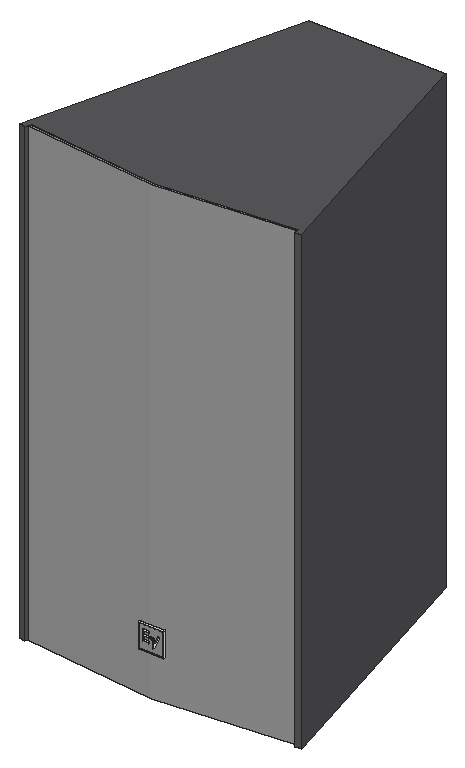
Revit family "EVF-1152S", category Communication Devices, Revit 2017 (continued)
Definition of nested family "InputPanelV"
  Lines and regions (mm)
    model lines, not visible
      curve 201: line (60.368, -9.5, 74.713) -> (61.054, -9.5, 74.153)
      curve 202: line (61.054, -9.5, 74.153) -> (61.864, -9.5, 73.957)
      curve 203: line (61.864, -9.5, 73.957) -> (62.673, -9.5, 74.153)
      curve 204: line (62.673, -9.5, 74.153) -> (63.359, -9.5, 74.713)
      curve 205: line (63.359, -9.5, 74.713) -> (63.814, -9.5, 75.544)
      curve 206: line (63.818, -9.5, 75.551) -> (64.101, -9.5, 76.539)
      curve 207: line (64.101, -9.5, 76.539) -> (64.793, -9.5, 76.539)
      curve 208: line (64.793, -9.5, 76.539) -> (66.91, -9.5, 76.54)
      curve 209: line (66.91, -9.5, 76.54) -> (66.91, -9.5, 70.344)
      curve 210: line (61.049, -9.5, 85.998) -> (60.837, -9.5, 85.998)
      curve 211: line (60.837, -9.5, 85.998) -> (60.837, -9.5, 85.655)
      curve 212: line (60.916, -9.5, 85.517) -> (61.049, -9.5, 85.391)
      curve 213: line (61.049, -9.5, 85.391) -> (61.049, -9.5, 85.998)
      curve 214: line (61.049, -9.5, 85.998) -> (62.676, -9.5, 85.999)
      curve 215: line (62.676, -9.5, 85.999) -> (62.676, -9.5, 85.392)
      curve 216: line (62.676, -9.5, 79.084) -> (62.676, -9.5, 80.299)
      curve 217: line (62.677, -9.5, 72.779) -> (62.677, -9.5, 73.994)
      curve 218: line (62.678, -9.5, 66.472) -> (62.678, -9.5, 67.687)
      curve 219: line (61.052, -9.5, 60.773) -> (60.84, -9.5, 60.773)
      curve 220: line (60.84, -9.5, 60.773) -> (60.84, -9.5, 61.139)
      curve 221: line (60.918, -9.5, 61.255) -> (61.052, -9.5, 61.381)
      curve 222: line (61.052, -9.5, 61.381) -> (61.052, -9.5, 60.773)
      curve 223: line (61.052, -9.5, 60.773) -> (62.679, -9.5, 60.773)
      curve 224: line (62.679, -9.5, 60.773) -> (62.679, -9.5, 61.381)
      curve 225: line (60.839, -9.5, 66.735) -> (60.842, -9.5, 67.413)
      curve 226: line (60.918, -9.5, 67.56) -> (61.051, -9.5, 67.686)
      curve 227: line (61.051, -9.5, 67.686) -> (61.051, -9.5, 66.471)
      curve 228: line (61.051, -9.5, 66.471) -> (60.918, -9.5, 66.598)
      curve 229: line (61.05, -9.5, 72.779) -> (61.05, -9.5, 73.994)
      curve 230: line (61.05, -9.5, 73.994) -> (60.917, -9.5, 73.867)
      curve 231: line (60.838, -9.5, 73.752) -> (60.838, -9.5, 73.043)
      curve 232: line (60.917, -9.5, 72.905) -> (61.05, -9.5, 72.779)
      curve 233: line (60.838, -9.5, 79.348) -> (60.841, -9.5, 80.026)
      curve 234: line (60.916, -9.5, 80.173) -> (61.049, -9.5, 80.299)
      curve 235: line (61.049, -9.5, 80.299) -> (61.049, -9.5, 79.084)
      curve 236: line (61.049, -9.5, 79.084) -> (60.916, -9.5, 79.21)
      curve 237: line (65.486, -9.5, 73.675) -> (63.369, -9.5, 73.675)
      curve 238: line (63.369, -9.5, 73.675) -> (63.369, -9.5, 73.098)
      curve 239: line (63.369, -9.5, 73.098) -> (65.486, -9.5, 73.099)
      curve 240: line (65.486, -9.5, 73.099) -> (65.486, -9.5, 73.675)
      curve 241: line (65.487, -9.5, 67.368) -> (65.487, -9.5, 66.791)
      curve 242: line (65.487, -9.5, 66.791) -> (63.37, -9.5, 66.791)
      curve 243: line (63.37, -9.5, 66.791) -> (63.369, -9.5, 67.367)
      curve 244: line (63.369, -9.5, 67.367) -> (65.487, -9.5, 67.368)
      curve 245: line (65.485, -9.5, 79.98) -> (65.485, -9.5, 79.404)
      curve 246: line (65.485, -9.5, 79.404) -> (63.368, -9.5, 79.404)
      curve 247: line (63.368, -9.5, 79.404) -> (63.368, -9.5, 79.98)
      curve 248: line (63.368, -9.5, 79.98) -> (65.485, -9.5, 79.98)
      curve 249: line (63.37, -9.5, 60.773) -> (65.488, -9.5, 60.774)
      curve 250: line (65.488, -9.5, 60.774) -> (65.488, -9.5, 61.062)
      curve 251: line (65.488, -9.5, 61.062) -> (63.37, -9.5, 61.062)
      curve 252: line (63.37, -9.5, 61.062) -> (63.37, -9.5, 60.773)
      curve 253: line (63.37, -9.5, 60.773) -> (62.679, -9.5, 60.773)
      curve 254: line (62.676, -9.5, 85.999) -> (63.367, -9.5, 85.999)
      curve 255: line (63.367, -9.5, 85.999) -> (63.367, -9.5, 85.711)
      curve 256: line (63.367, -9.5, 85.711) -> (65.485, -9.5, 85.711)
      curve 257: line (65.485, -9.5, 85.711) -> (65.485, -9.5, 85.999)
      curve 258: line (65.485, -9.5, 85.999) -> (63.367, -9.5, 85.999)
      curve 259: line (63.973, -9.5, 63.722) -> (62.18, -9.5, 65.91)
      curve 260: line (62.18, -9.5, 65.91) -> (62.671, -9.5, 66.243)
      curve 261: line (63.973, -9.5, 70.028) -> (62.179, -9.5, 72.217)
      curve 262: line (62.179, -9.5, 72.217) -> (62.67, -9.5, 72.549)
      curve 263: line (63.946, -9.5, 63.467) -> (62.347, -9.5, 65.419)
      curve 264: line (62.347, -9.5, 65.419) -> (61.777, -9.5, 65.419)
      curve 265: line (61.777, -9.5, 65.419) -> (63.815, -9.5, 62.932)
      curve 266: line (63.945, -9.5, 69.773) -> (62.346, -9.5, 71.725)
      curve 267: line (62.346, -9.5, 71.725) -> (61.777, -9.5, 71.725)
      curve 268: line (61.777, -9.5, 71.725) -> (63.815, -9.5, 69.238)
      curve 269: line (63.945, -9.5, 76.08) -> (62.345, -9.5, 78.032)
      curve 270: line (62.345, -9.5, 78.032) -> (61.776, -9.5, 78.031)
      curve 271: line (61.776, -9.5, 78.031) -> (63.814, -9.5, 75.544)
      curve 272: line (63.972, -9.5, 76.334) -> (62.178, -9.5, 78.523)
      curve 273: line (62.178, -9.5, 78.523) -> (62.669, -9.5, 78.856)
      curve 274: line (63.971, -9.5, 82.641) -> (62.178, -9.5, 84.829)
      curve 275: line (62.178, -9.5, 84.829) -> (62.669, -9.5, 85.162)
      curve 276: line (63.944, -9.5, 82.386) -> (62.345, -9.5, 84.338)
      curve 277: line (62.345, -9.5, 84.338) -> (61.775, -9.5, 84.338)
      curve 278: line (61.775, -9.5, 84.338) -> (63.813, -9.5, 81.851)
      curve 279: line (66.909, -9.5, 82.956) -> (66.908, -9.5, 85.999)
      curve 280: line (66.908, -9.5, 85.999) -> (72.332, -9.5, 86)
      curve 281: line (72.332, -9.5, 86) -> (72.335, -9.5, 60.774)
      curve 282: line (72.335, -9.5, 60.774) -> (66.911, -9.5, 60.774)
      curve 283: line (65.485, -9.5, 85.999) -> (66.908, -9.5, 85.999)
      curve 284: line (72.332, -9.5, 86) -> (72.658, -9.5, 86)
      curve 285: line (72.658, -9.5, 86) -> (72.661, -9.5, 60.775)
      curve 286: line (72.661, -9.5, 60.775) -> (72.335, -9.5, 60.774)
      curve 287: line (72.335, -9.5, 60.774) -> (72.464, -9.5, 60.647)
      curve 288: line (72.464, -9.5, 60.647) -> (72.586, -9.5, 60.47)
      curve 289: line (73.116, -9.5, 67.379) -> (73.115, -9.5, 72.891)
      curve 290: line (73.115, -9.5, 72.891) -> (77.33, -9.5, 72.891)
      curve 291: line (77.33, -9.5, 72.891) -> (77.331, -9.5, 67.379)
      curve 292: line (77.331, -9.5, 67.379) -> (73.116, -9.5, 67.379)
      curve 293: line (77.331, -9.5, 66.783) -> (77.332, -9.5, 61.272)
      curve 294: line (77.332, -9.5, 61.272) -> (73.116, -9.5, 61.271)
      curve 295: line (73.116, -9.5, 61.271) -> (73.116, -9.5, 66.783)
      curve 296: line (73.116, -9.5, 66.783) -> (77.331, -9.5, 66.783)
      curve 297: line (72.661, -9.5, 60.775) -> (77.787, -9.5, 60.775)
      curve 298: line (77.787, -9.5, 60.775) -> (77.784, -9.5, 86)
      curve 299: line (77.784, -9.5, 86) -> (72.658, -9.5, 86)
      curve 300: line (73.114, -9.5, 79.991) -> (73.113, -9.5, 85.503)
      curve 301: line (73.113, -9.5, 85.503) -> (77.329, -9.5, 85.504)
      curve 302: line (77.329, -9.5, 85.504) -> (77.329, -9.5, 79.992)
      curve 303: line (77.329, -9.5, 79.992) -> (73.114, -9.5, 79.991)
      curve 304: line (77.329, -9.5, 79.396) -> (77.33, -9.5, 73.884)
      curve 305: line (77.33, -9.5, 73.884) -> (73.115, -9.5, 73.884)
      curve 306: line (73.115, -9.5, 73.884) -> (73.114, -9.5, 79.396)
      curve 307: line (73.114, -9.5, 79.396) -> (77.329, -9.5, 79.396)
      curve 308: line (73.114, -9.5, 81.158) -> (74.522, -9.5, 81.159)
      curve 309: line (74.522, -9.5, 81.159) -> (74.848, -9.5, 80.47)
      curve 310: line (74.848, -9.5, 80.47) -> (75.233, -9.5, 79.992)
      curve 311: line (73.116, -9.5, 68.546) -> (74.524, -9.5, 68.546)
      curve 312: line (74.524, -9.5, 68.546) -> (74.849, -9.5, 67.858)
      curve 313: line (74.849, -9.5, 67.858) -> (75.235, -9.5, 67.379)
      curve 314: line (73.114, -9.5, 78.229) -> (74.523, -9.5, 78.229)
      curve 315: line (74.523, -9.5, 78.229) -> (74.848, -9.5, 78.917)
      curve 316: line (74.848, -9.5, 78.917) -> (75.233, -9.5, 79.396)
      curve 317: line (73.116, -9.5, 65.616) -> (74.524, -9.5, 65.616)
      curve 318: line (74.524, -9.5, 65.616) -> (74.85, -9.5, 66.304)
      curve 319: line (74.85, -9.5, 66.304) -> (75.235, -9.5, 66.783)
      curve 320: line (73.116, -9.5, 62.239) -> (74.525, -9.5, 62.24)
      curve 321: line (74.525, -9.5, 62.24) -> (74.85, -9.5, 61.552)
      curve 322: line (74.85, -9.5, 61.552) -> (75.076, -9.5, 61.271)
      curve 323: line (73.115, -9.5, 74.852) -> (74.523, -9.5, 74.852)
      curve 324: line (74.523, -9.5, 74.852) -> (74.849, -9.5, 74.164)
      curve 325: line (74.849, -9.5, 74.164) -> (75.074, -9.5, 73.884)
      curve 326: line (73.115, -9.5, 71.922) -> (74.524, -9.5, 71.923)
      curve 327: line (74.524, -9.5, 71.923) -> (74.849, -9.5, 72.611)
      curve 328: line (75.074, -9.5, 72.891) -> (74.849, -9.5, 72.611)
      curve 329: line (74.849, -9.5, 72.611) -> (74.849, -9.5, 67.858)
      curve 330: line (73.114, -9.5, 84.535) -> (74.522, -9.5, 84.535)
      curve 331: line (74.522, -9.5, 84.535) -> (74.847, -9.5, 85.223)
      curve 332: line (74.847, -9.5, 85.223) -> (74.848, -9.5, 80.47)
      curve 333: line (75.073, -9.5, 85.503) -> (74.847, -9.5, 85.223)
      curve 334: line (74.524, -9.5, 65.616) -> (74.525, -9.5, 62.24)
      curve 335: line (74.523, -9.5, 78.229) -> (74.523, -9.5, 74.852)
      curve 336: line (74.524, -9.5, 68.546) -> (74.524, -9.5, 71.923)
      curve 337: line (74.522, -9.5, 81.159) -> (74.522, -9.5, 84.535)
      curve 338: line (72.586, -9.5, 60.208) -> (75.719, -9.5, 60.209)
      curve 339: line (75.719, -9.5, 60.209) -> (75.719, -9.5, 60.47)
      curve 340: line (75.719, -9.5, 60.47) -> (72.586, -9.5, 60.47)
      curve 341: line (72.586, -9.5, 60.47) -> (72.586, -9.5, 60.208)
      curve 342: line (72.586, -9.5, 60.208) -> (72.005, -9.5, 60.208)
      curve 343: line (72.005, -9.5, 60.208) -> (72.005, -9.5, 60.47)
      curve 344: line (72.005, -9.5, 60.47) -> (72.127, -9.5, 60.774)
      curve 345: line (72.464, -9.5, 60.647) -> (75.597, -9.5, 60.647)
      curve 346: line (75.597, -9.5, 60.647) -> (75.719, -9.5, 60.47)
      curve 347: line (76.233, -9.5, 66.783) -> (76.233, -9.5, 61.272)
      curve 348: line (76.231, -9.5, 79.396) -> (76.232, -9.5, 73.884)
      curve 349: line (76.232, -9.5, 72.891) -> (76.233, -9.5, 67.379)
      curve 350: line (76.23, -9.5, 85.504) -> (76.231, -9.5, 79.992)
      curve 351: line (74.85, -9.5, 66.304) -> (74.85, -9.5, 61.552)
      curve 352: line (74.848, -9.5, 78.917) -> (74.849, -9.5, 74.164)
      curve 353: line (65.589, -9.5, 60.469) -> (65.589, -9.5, 60.208)
      curve 354: line (65.589, -9.5, 60.208) -> (65.009, -9.5, 60.207)
      curve 355: line (65.009, -9.5, 60.207) -> (65.009, -9.5, 60.469)
      curve 356: line (65.009, -9.5, 60.469) -> (65.131, -9.5, 60.646)
      curve 357: line (65.589, -9.5, 60.208) -> (68.722, -9.5, 60.208)
      curve 358: line (68.722, -9.5, 60.208) -> (68.722, -9.5, 60.469)
      curve 359: line (54.498, -9.5, 76.538) -> (54.659, -9.5, 75.55)
      curve 360: line (54.659, -9.5, 75.55) -> (55.117, -9.5, 74.712)
      curve 361: line (55.117, -9.5, 74.712) -> (55.804, -9.5, 74.153)
      curve 362: line (55.804, -9.5, 74.153) -> (56.613, -9.5, 73.956)
      curve 363: line (56.613, -9.5, 73.956) -> (57.422, -9.5, 74.153)
      curve 364: line (57.422, -9.5, 74.153) -> (58.109, -9.5, 74.713)
      curve 365: line (58.109, -9.5, 74.713) -> (58.567, -9.5, 75.55)
      curve 366: line (58.567, -9.5, 75.55) -> (58.728, -9.5, 76.539)
      curve 367: line (58.728, -9.5, 76.539) -> (58.567, -9.5, 77.527)
      curve 368: line (58.567, -9.5, 77.527) -> (58.108, -9.5, 78.364)
      curve 369: line (58.108, -9.5, 78.364) -> (57.422, -9.5, 78.924)
      curve 370: line (57.422, -9.5, 78.924) -> (56.612, -9.5, 79.12)
      curve 371: line (56.612, -9.5, 79.12) -> (55.803, -9.5, 78.924)
      curve 372: line (55.803, -9.5, 78.924) -> (55.117, -9.5, 78.364)
      curve 373: line (55.117, -9.5, 78.364) -> (54.662, -9.5, 77.533)
      curve 374: line (54.659, -9.5, 77.526) -> (54.374, -9.5, 76.538)
      curve 375: line (54.374, -9.5, 76.538) -> (53.682, -9.5, 76.538)
      curve 376: line (53.682, -9.5, 76.538) -> (51.565, -9.5, 76.538)
      curve 377: line (51.565, -9.5, 76.538) -> (51.566, -9.5, 82.763)
      curve 378: line (54.499, -9.5, 63.925) -> (54.66, -9.5, 62.937)
      curve 379: line (54.66, -9.5, 62.937) -> (55.119, -9.5, 62.1)
      curve 380: line (55.119, -9.5, 62.1) -> (55.805, -9.5, 61.54)
      curve 381: line (55.805, -9.5, 61.54) -> (56.615, -9.5, 61.344)
      curve 382: line (56.615, -9.5, 61.344) -> (57.424, -9.5, 61.54)
      curve 383: line (57.424, -9.5, 61.54) -> (58.11, -9.5, 62.1)
      curve 384: line (58.11, -9.5, 62.1) -> (58.569, -9.5, 62.938)
      curve 385: line (58.569, -9.5, 62.938) -> (58.729, -9.5, 63.926)
      curve 386: line (58.729, -9.5, 63.926) -> (58.568, -9.5, 64.914)
      curve 387: line (58.568, -9.5, 64.914) -> (58.11, -9.5, 65.752)
      curve 388: line (58.11, -9.5, 65.752) -> (57.423, -9.5, 66.311)
      curve 389: line (57.423, -9.5, 66.311) -> (56.614, -9.5, 66.508)
      curve 390: line (56.614, -9.5, 66.508) -> (55.805, -9.5, 66.311)
      curve 391: line (55.805, -9.5, 66.311) -> (55.118, -9.5, 65.751)
      curve 392: line (55.118, -9.5, 65.751) -> (54.664, -9.5, 64.92)
      curve 393: line (54.66, -9.5, 64.914) -> (54.376, -9.5, 63.925)
      curve 394: line (54.376, -9.5, 63.925) -> (53.684, -9.5, 63.925)
      curve 395: line (53.684, -9.5, 63.925) -> (51.566, -9.5, 63.925)
      curve 396: line (51.566, -9.5, 63.925) -> (51.567, -9.5, 70.15)
      curve 397: line (54.497, -9.5, 82.844) -> (54.658, -9.5, 81.856)
      curve 398: line (54.658, -9.5, 81.856) -> (55.117, -9.5, 81.019)
      curve 399: line (55.117, -9.5, 81.019) -> (55.803, -9.5, 80.459)
      curve 400: line (55.803, -9.5, 80.459) -> (56.612, -9.5, 80.263)
      curve 401: line (56.612, -9.5, 80.263) -> (57.422, -9.5, 80.459)
      curve 402: line (57.422, -9.5, 80.459) -> (58.108, -9.5, 81.019)
      curve 403: line (58.108, -9.5, 81.019) -> (58.566, -9.5, 81.857)
      curve 404: line (58.566, -9.5, 81.857) -> (58.727, -9.5, 82.845)
      curve 405: line (58.727, -9.5, 82.845) -> (58.566, -9.5, 83.833)
      curve 406: line (58.566, -9.5, 83.833) -> (58.107, -9.5, 84.671)
      curve 407: line (58.107, -9.5, 84.671) -> (57.421, -9.5, 85.23)
      curve 408: line (57.421, -9.5, 85.23) -> (56.612, -9.5, 85.427)
      curve 409: line (56.612, -9.5, 85.427) -> (55.802, -9.5, 85.23)
      curve 410: line (55.802, -9.5, 85.23) -> (55.116, -9.5, 84.67)
      curve 411: line (55.116, -9.5, 84.67) -> (54.661, -9.5, 83.839)
      curve 412: line (54.658, -9.5, 83.833) -> (54.374, -9.5, 82.844)
      curve 413: line (54.374, -9.5, 82.844) -> (53.682, -9.5, 82.844)
      curve 414: line (53.682, -9.5, 82.844) -> (51.565, -9.5, 82.844)
      curve 415: line (51.565, -9.5, 82.844) -> (51.565, -9.5, 85.997)
      curve 416: line (54.498, -9.5, 70.232) -> (54.66, -9.5, 69.244)
      curve 417: line (54.66, -9.5, 69.244) -> (55.118, -9.5, 68.406)
      curve 418: line (55.118, -9.5, 68.406) -> (55.804, -9.5, 67.846)
      curve 419: line (55.804, -9.5, 67.846) -> (56.614, -9.5, 67.65)
      curve 420: line (56.614, -9.5, 67.65) -> (57.423, -9.5, 67.847)
      curve 421: line (57.423, -9.5, 67.847) -> (58.109, -9.5, 68.406)
      curve 422: line (58.109, -9.5, 68.406) -> (58.568, -9.5, 69.244)
      curve 423: line (58.568, -9.5, 69.244) -> (58.729, -9.5, 70.232)
      curve 424: line (58.729, -9.5, 70.232) -> (58.568, -9.5, 71.22)
      curve 425: line (58.568, -9.5, 71.22) -> (58.109, -9.5, 72.058)
      curve 426: line (58.109, -9.5, 72.058) -> (57.423, -9.5, 72.618)
      curve 427: line (57.423, -9.5, 72.618) -> (56.613, -9.5, 72.814)
      curve 428: line (56.613, -9.5, 72.814) -> (55.804, -9.5, 72.617)
      curve 429: line (55.804, -9.5, 72.617) -> (55.118, -9.5, 72.058)
      curve 430: line (55.118, -9.5, 72.058) -> (54.663, -9.5, 71.227)
      curve 431: line (54.659, -9.5, 71.22) -> (54.376, -9.5, 70.232)
      curve 432: line (54.376, -9.5, 70.232) -> (53.684, -9.5, 70.232)
      curve 433: line (53.684, -9.5, 70.232) -> (51.566, -9.5, 70.231)
      curve 434: line (51.566, -9.5, 70.231) -> (51.567, -9.5, 76.427)
      curve 435: line (57.428, -9.5, 60.773) -> (57.64, -9.5, 60.773)
      curve 436: line (57.64, -9.5, 60.773) -> (57.64, -9.5, 61.116)
      curve 437: line (57.561, -9.5, 61.254) -> (57.428, -9.5, 61.38)
      curve 438: line (57.428, -9.5, 61.38) -> (57.428, -9.5, 60.773)
      curve 439: line (57.428, -9.5, 60.773) -> (55.801, -9.5, 60.772)
      curve 440: line (55.801, -9.5, 60.772) -> (55.801, -9.5, 61.379)
      curve 441: line (55.8, -9.5, 67.687) -> (55.8, -9.5, 66.472)
      curve 442: line (55.8, -9.5, 73.992) -> (55.8, -9.5, 72.777)
      curve 443: line (55.799, -9.5, 80.299) -> (55.799, -9.5, 79.084)
      curve 444: line (57.425, -9.5, 85.998) -> (57.637, -9.5, 85.998)
      curve 445: line (57.637, -9.5, 85.998) -> (57.637, -9.5, 85.632)
      curve 446: line (57.558, -9.5, 85.516) -> (57.425, -9.5, 85.39)
      curve 447: line (57.425, -9.5, 85.39) -> (57.425, -9.5, 85.998)
      curve 448: line (57.425, -9.5, 85.998) -> (55.798, -9.5, 85.998)
      curve 449: line (55.798, -9.5, 85.998) -> (55.798, -9.5, 85.39)
      curve 450: line (57.638, -9.5, 80.036) -> (57.634, -9.5, 79.358)
      curve 451: line (57.559, -9.5, 79.211) -> (57.426, -9.5, 79.085)
      curve 452: line (57.426, -9.5, 79.085) -> (57.426, -9.5, 80.3)
      curve 453: line (57.426, -9.5, 80.3) -> (57.559, -9.5, 80.173)
      curve 454: line (57.427, -9.5, 73.992) -> (57.427, -9.5, 72.777)
      curve 455: line (57.427, -9.5, 72.777) -> (57.56, -9.5, 72.903)
      curve 456: line (57.638, -9.5, 73.019) -> (57.638, -9.5, 73.728)
      curve 457: line (57.56, -9.5, 73.866) -> (57.427, -9.5, 73.992)
      curve 458: line (57.639, -9.5, 67.423) -> (57.636, -9.5, 66.745)
      curve 459: line (57.561, -9.5, 66.598) -> (57.428, -9.5, 66.472)
      curve 460: line (57.428, -9.5, 66.472) -> (57.427, -9.5, 67.687)
      curve 461: line (57.427, -9.5, 67.687) -> (57.561, -9.5, 67.561)
      curve 462: line (52.991, -9.5, 73.096) -> (55.108, -9.5, 73.096)
      curve 463: line (55.108, -9.5, 73.096) -> (55.108, -9.5, 73.673)
      curve 464: line (55.108, -9.5, 73.673) -> (52.991, -9.5, 73.672)
      curve 465: line (52.991, -9.5, 73.672) -> (52.991, -9.5, 73.096)
      curve 466: line (52.99, -9.5, 79.403) -> (52.99, -9.5, 79.98)
      curve 467: line (52.99, -9.5, 79.98) -> (55.107, -9.5, 79.98)
      curve 468: line (55.107, -9.5, 79.98) -> (55.107, -9.5, 79.404)
      curve 469: line (55.107, -9.5, 79.404) -> (52.99, -9.5, 79.403)
      curve 470: line (52.991, -9.5, 66.791) -> (52.991, -9.5, 67.367)
      curve 471: line (52.991, -9.5, 67.367) -> (55.109, -9.5, 67.367)
      curve 472: line (55.109, -9.5, 67.367) -> (55.109, -9.5, 66.791)
      curve 473: line (55.109, -9.5, 66.791) -> (52.991, -9.5, 66.791)
      curve 474: line (55.107, -9.5, 85.998) -> (52.989, -9.5, 85.997)
      curve 475: line (52.989, -9.5, 85.997) -> (52.989, -9.5, 85.709)
      curve 476: line (52.989, -9.5, 85.709) -> (55.107, -9.5, 85.709)
      curve 477: line (55.107, -9.5, 85.709) -> (55.107, -9.5, 85.998)
      curve 478: line (55.107, -9.5, 85.998) -> (55.798, -9.5, 85.998)
      curve 479: line (55.801, -9.5, 60.772) -> (55.11, -9.5, 60.772)
      curve 480: line (55.11, -9.5, 60.772) -> (55.11, -9.5, 61.06)
      curve 481: line (55.11, -9.5, 61.06) -> (52.992, -9.5, 61.06)
      curve 482: line (52.992, -9.5, 61.06) -> (52.992, -9.5, 60.772)
      curve 483: line (52.992, -9.5, 60.772) -> (55.11, -9.5, 60.772)
      curve 484: line (54.504, -9.5, 76.743) -> (56.298, -9.5, 74.554)
      curve 485: line (56.298, -9.5, 74.554) -> (55.807, -9.5, 74.222)
      curve 486: line (54.503, -9.5, 83.049) -> (56.297, -9.5, 80.86)
      curve 487: line (56.297, -9.5, 80.86) -> (55.806, -9.5, 80.528)
      curve 488: line (54.531, -9.5, 76.998) -> (56.131, -9.5, 75.046)
      curve 489: line (56.131, -9.5, 75.046) -> (56.7, -9.5, 75.046)
      curve 490: line (56.7, -9.5, 75.046) -> (54.662, -9.5, 77.533)
      curve 491: line (54.531, -9.5, 83.304) -> (56.13, -9.5, 81.352)
      curve 492: line (56.13, -9.5, 81.352) -> (56.699, -9.5, 81.352)
      curve 493: line (56.699, -9.5, 81.352) -> (54.661, -9.5, 83.839)
      curve 494: line (54.505, -9.5, 70.437) -> (56.298, -9.5, 68.248)
      curve 495: line (56.298, -9.5, 68.248) -> (55.807, -9.5, 67.915)
      curve 496: line (54.506, -9.5, 64.13) -> (56.299, -9.5, 61.942)
      curve 497: line (56.299, -9.5, 61.942) -> (55.808, -9.5, 61.609)
      curve 498: line (54.533, -9.5, 64.385) -> (56.132, -9.5, 62.433)
      curve 499: line (56.132, -9.5, 62.433) -> (56.702, -9.5, 62.433)
      curve 500: line (56.702, -9.5, 62.433) -> (54.664, -9.5, 64.92)
      curve 501: line (54.532, -9.5, 70.691) -> (56.131, -9.5, 68.739)
      curve 502: line (56.131, -9.5, 68.739) -> (56.701, -9.5, 68.739)
      curve 503: line (56.701, -9.5, 68.739) -> (54.663, -9.5, 71.227)
      curve 504: line (51.568, -9.5, 63.815) -> (51.568, -9.5, 60.772)
      curve 505: line (51.568, -9.5, 60.772) -> (46.145, -9.5, 60.771)
      curve 506: line (46.145, -9.5, 60.771) -> (46.141, -9.5, 85.996)
      curve 507: line (46.141, -9.5, 85.996) -> (51.565, -9.5, 85.997)
      curve 508: line (51.565, -9.5, 85.997) -> (52.989, -9.5, 85.997)
      curve 509: line (52.989, -9.5, 85.997) -> (49.876, -9.5, 86.125)
      curve 510: line (49.876, -9.5, 86.125) -> (49.754, -9.5, 86.302)
      curve 511: line (52.992, -9.5, 60.772) -> (51.568, -9.5, 60.772)
      curve 512: line (45.361, -9.5, 79.392) -> (45.362, -9.5, 73.88)
      curve 513: line (45.362, -9.5, 73.88) -> (41.147, -9.5, 73.88)
      curve 514: line (41.147, -9.5, 73.88) -> (41.146, -9.5, 79.392)
      curve 515: line (41.146, -9.5, 79.392) -> (45.361, -9.5, 79.392)
      curve 516: line (41.146, -9.5, 79.988) -> (41.145, -9.5, 85.499)
      curve 517: line (41.145, -9.5, 85.499) -> (45.36, -9.5, 85.5)
      curve 518: line (45.36, -9.5, 85.5) -> (45.361, -9.5, 79.988)
      curve 519: line (45.361, -9.5, 79.988) -> (41.146, -9.5, 79.988)
      curve 520: line (45.819, -9.5, 60.771) -> (45.816, -9.5, 85.996)
      curve 521: line (45.816, -9.5, 85.996) -> (40.689, -9.5, 85.996)
      curve 522: line (40.689, -9.5, 85.996) -> (40.692, -9.5, 60.771)
      curve 523: line (40.692, -9.5, 60.771) -> (45.819, -9.5, 60.771)
      curve 524: line (45.819, -9.5, 60.771) -> (46.145, -9.5, 60.771)
      curve 525: line (45.363, -9.5, 66.78) -> (45.363, -9.5, 61.268)
      curve 526: line (45.363, -9.5, 61.268) -> (41.148, -9.5, 61.267)
      curve 527: line (41.148, -9.5, 61.267) -> (41.147, -9.5, 66.779)
      curve 528: line (41.147, -9.5, 66.779) -> (45.363, -9.5, 66.78)
      curve 529: line (41.147, -9.5, 67.375) -> (41.147, -9.5, 72.887)
      curve 530: line (41.147, -9.5, 72.887) -> (45.362, -9.5, 72.887)
      curve 531: line (45.362, -9.5, 72.887) -> (45.363, -9.5, 67.375)
      curve 532: line (45.363, -9.5, 67.375) -> (41.147, -9.5, 67.375)
      curve 533: line (45.816, -9.5, 85.996) -> (46.141, -9.5, 85.996)
      curve 534: line (46.141, -9.5, 85.996) -> (42.88, -9.5, 86.124)
      curve 535: line (42.88, -9.5, 86.124) -> (42.758, -9.5, 86.301)
      curve 536: line (42.758, -9.5, 86.301) -> (45.891, -9.5, 86.301)
      curve 537: line (45.891, -9.5, 86.301) -> (46.013, -9.5, 86.124)
      curve 538: line (45.361, -9.5, 78.225) -> (43.953, -9.5, 78.225)
      curve 539: line (43.953, -9.5, 78.225) -> (43.627, -9.5, 78.913)
      curve 540: line (43.627, -9.5, 78.913) -> (43.242, -9.5, 79.392)
      curve 541: line (45.363, -9.5, 65.613) -> (43.954, -9.5, 65.612)
      curve 542: line (43.954, -9.5, 65.612) -> (43.629, -9.5, 66.3)
      curve 543: line (43.629, -9.5, 66.3) -> (43.244, -9.5, 66.779)
      curve 544: line (45.362, -9.5, 68.542) -> (43.954, -9.5, 68.542)
      curve 545: line (43.954, -9.5, 68.542) -> (43.629, -9.5, 67.854)
      curve 546: line (43.629, -9.5, 67.854) -> (43.244, -9.5, 67.375)
      curve 547: line (45.361, -9.5, 81.155) -> (43.952, -9.5, 81.155)
      curve 548: line (43.952, -9.5, 81.155) -> (43.627, -9.5, 80.467)
      curve 549: line (43.627, -9.5, 80.467) -> (43.242, -9.5, 79.988)
      curve 550: line (45.362, -9.5, 71.919) -> (43.954, -9.5, 71.919)
      curve 551: line (43.954, -9.5, 71.919) -> (43.628, -9.5, 72.607)
      curve 552: line (43.628, -9.5, 72.607) -> (43.403, -9.5, 72.887)
      curve 553: line (45.361, -9.5, 84.532) -> (43.952, -9.5, 84.531)
      curve 554: line (43.952, -9.5, 84.531) -> (43.627, -9.5, 85.219)
      curve 555: line (43.627, -9.5, 85.219) -> (43.401, -9.5, 85.5)
      curve 556: line (45.362, -9.5, 74.849) -> (43.953, -9.5, 74.848)
      curve 557: line (43.953, -9.5, 74.848) -> (43.628, -9.5, 74.16)
      curve 558: line (43.403, -9.5, 73.88) -> (43.628, -9.5, 74.16)
      curve 559: line (43.628, -9.5, 74.16) -> (43.627, -9.5, 78.913)
      curve 560: line (45.363, -9.5, 62.236) -> (43.955, -9.5, 62.236)
      curve 561: line (43.955, -9.5, 62.236) -> (43.629, -9.5, 61.548)
      curve 562: line (43.629, -9.5, 61.548) -> (43.629, -9.5, 66.3)
      curve 563: line (43.404, -9.5, 61.267) -> (43.629, -9.5, 61.548)
      curve 564: line (43.954, -9.5, 68.542) -> (43.954, -9.5, 71.919)
      curve 565: line (43.952, -9.5, 81.155) -> (43.952, -9.5, 84.531)
      curve 566: line (43.954, -9.5, 65.612) -> (43.955, -9.5, 62.236)
      curve 567: line (43.953, -9.5, 78.225) -> (43.953, -9.5, 74.848)
      curve 568: line (45.891, -9.5, 86.301) -> (45.891, -9.5, 86.563)
      curve 569: line (45.891, -9.5, 86.563) -> (42.758, -9.5, 86.562)
      curve 570: line (42.758, -9.5, 86.562) -> (42.758, -9.5, 86.301)
      curve 571: line (45.891, -9.5, 86.563) -> (46.472, -9.5, 86.563)
      curve 572: line (46.472, -9.5, 86.563) -> (46.472, -9.5, 86.301)
      curve 573: line (46.472, -9.5, 86.301) -> (46.35, -9.5, 86.124)
      curve 574: line (42.244, -9.5, 79.988) -> (42.243, -9.5, 85.499)
      curve 575: line (42.246, -9.5, 67.375) -> (42.245, -9.5, 72.887)
      curve 576: line (42.246, -9.5, 61.267) -> (42.246, -9.5, 66.779)
      curve 577: line (42.245, -9.5, 73.88) -> (42.244, -9.5, 79.392)
      curve 578: line (43.629, -9.5, 67.854) -> (43.628, -9.5, 72.607)
      curve 579: line (43.627, -9.5, 80.467) -> (43.627, -9.5, 85.219)
      curve 580: line (52.887, -9.5, 86.302) -> (53.009, -9.5, 86.125)
      curve 581: line (52.887, -9.5, 86.563) -> (52.887, -9.5, 86.302)
      curve 582: line (52.887, -9.5, 86.302) -> (49.754, -9.5, 86.302)
      curve 583: line (49.754, -9.5, 86.302) -> (49.754, -9.5, 86.563)
      curve 584: line (49.754, -9.5, 86.563) -> (52.887, -9.5, 86.563)
      curve 585: line (52.887, -9.5, 86.563) -> (53.468, -9.5, 86.563)
      curve 586: line (53.468, -9.5, 86.563) -> (53.468, -9.5, 86.302)
      curve 587: line (53.468, -9.5, 86.302) -> (53.346, -9.5, 86.125)
      curve 588: line (78.97, -9.5, 60.972) -> (78.967, -9.5, 85.803)
      curve 589: line (78.912, -9.5, 85.748) -> (78.915, -9.5, 61.027)
      curve 590: line (77.958, -9.5, 86.812) -> (40.515, -9.5, 86.808)
      curve 591: line (40.57, -9.5, 86.753) -> (77.903, -9.5, 86.757)
      curve 592: line (39.506, -9.5, 85.799) -> (39.509, -9.5, 60.968)
      curve 593: line (39.509, -9.5, 60.97) -> (39.561, -9.5, 85.744)
      curve 594: line (40.518, -9.5, 59.959) -> (77.962, -9.5, 59.963)
      curve 595: line (77.907, -9.5, 60.018) -> (40.573, -9.5, 60.014)
      curve 596: line (61.368, -9.5, 70.233) -> (59.749, -9.5, 70.232)
      curve 597: line (59.749, -9.5, 70.232) -> (59.415, -9.5, 70.232)
      curve 598: line (61.369, -9.5, 63.926) -> (59.75, -9.5, 63.926)
      curve 599: line (59.75, -9.5, 63.926) -> (59.417, -9.5, 63.926)
      curve 600: line (61.367, -9.5, 76.539) -> (59.748, -9.5, 76.539)
      curve 601: line (59.748, -9.5, 76.539) -> (59.415, -9.5, 76.539)
      curve 602: line (61.367, -9.5, 82.845) -> (59.747, -9.5, 82.845)
      curve 603: line (59.747, -9.5, 82.845) -> (59.414, -9.5, 82.845)
      curve 604: line (57.109, -9.5, 76.538) -> (58.728, -9.5, 76.539)
      curve 605: line (58.728, -9.5, 76.539) -> (59.062, -9.5, 76.539)
      curve 606: line (57.108, -9.5, 82.845) -> (58.727, -9.5, 82.845)
      curve 607: line (58.727, -9.5, 82.845) -> (59.06, -9.5, 82.845)
      curve 608: line (57.109, -9.5, 70.232) -> (58.729, -9.5, 70.232)
      curve 609: line (58.729, -9.5, 70.232) -> (59.062, -9.5, 70.232)
      curve 610: line (57.11, -9.5, 63.926) -> (58.729, -9.5, 63.926)
      curve 611: line (58.729, -9.5, 63.926) -> (59.063, -9.5, 63.926)
    model lines
      curve 612: arc (9.156, -4.337, 86.891) -> (7.56, -4.337, 86.55) -> (6.356, -4.337, 85.448) r 3.109
      curve 613: arc (21.769, -4.337, 86.892) -> (20.172, -4.337, 86.552) -> (18.969, -4.337, 85.449) r 3.109
      curve 614: arc (2.85, -4.337, 86.889) -> (1.264, -4.337, 86.554) -> (0.063, -4.337, 85.466) r 3.108
      curve 615: arc (15.462, -4.337, 86.891) -> (13.877, -4.337, 86.556) -> (12.676, -4.337, 85.468) r 3.108
      curve 616: arc (11.869, -4.337, 85.595) -> (10.676, -4.337, 86.586) -> (9.156, -4.337, 86.892) r 3.166
      curve 617: arc (24.481, -4.337, 85.596) -> (23.289, -4.337, 86.588) -> (21.769, -4.337, 86.894) r 3.166
      curve 618: arc (5.561, -4.337, 85.594) -> (4.369, -4.337, 86.585) -> (2.85, -4.337, 86.891) r 3.165
      curve 619: arc (18.174, -4.337, 85.596) -> (16.982, -4.337, 86.586) -> (15.462, -4.337, 86.892) r 3.165
      curve 620: arc (15.462, -4.337, 87.244) -> (17.059, -4.337, 87.585) -> (18.263, -4.337, 88.687) r 3.109
      curve 621: arc (2.85, -4.337, 87.243) -> (4.446, -4.337, 87.583) -> (5.65, -4.337, 88.686) r 3.109
      curve 622: arc (21.769, -4.337, 87.246) -> (23.354, -4.337, 87.581) -> (24.556, -4.337, 88.669) r 3.108
      curve 623: arc (9.156, -4.337, 87.244) -> (10.742, -4.337, 87.58) -> (11.943, -4.337, 88.668) r 3.108
      curve 624: arc (12.75, -4.337, 88.541) -> (13.942, -4.337, 87.549) -> (15.462, -4.337, 87.243) r 3.166
      curve 625: arc (0.137, -4.337, 88.539) -> (1.33, -4.337, 87.548) -> (2.85, -4.337, 87.241) r 3.166
      curve 626: arc (19.058, -4.337, 88.541) -> (20.249, -4.337, 87.55) -> (21.769, -4.337, 87.244) r 3.165
      curve 627: arc (6.445, -4.337, 88.539) -> (7.637, -4.337, 87.549) -> (9.156, -4.337, 87.243) r 3.165
      curve 628: arc (6.61, -4.337, 83.628) -> (7.681, -4.337, 82.554) -> (9.157, -4.337, 82.203) r 2.775
      curve 629: arc (6.291, -4.337, 82.936) -> (7.544, -4.337, 81.862) -> (9.157, -4.337, 81.512) r 3.371
      curve 630: arc (6.61, -4.337, 83.628) -> (6.398, -4.337, 83.307) -> (6.291, -4.337, 82.936) r 1.273
      curve 631: arc (19.223, -4.337, 83.63) -> (20.294, -4.337, 82.556) -> (21.769, -4.337, 82.205) r 2.775
      curve 632: arc (18.904, -4.337, 82.938) -> (20.157, -4.337, 81.864) -> (21.769, -4.337, 81.513) r 3.371
      curve 633: arc (19.223, -4.337, 83.63) -> (19.011, -4.337, 83.308) -> (18.904, -4.337, 82.938) r 1.273
      curve 634: arc (0.305, -4.337, 83.627) -> (1.376, -4.337, 82.554) -> (2.85, -4.337, 82.203) r 2.774
      curve 635: arc (-0.014, -4.337, 82.936) -> (1.238, -4.337, 81.862) -> (2.851, -4.337, 81.512) r 3.37
      curve 636: arc (0.305, -4.337, 83.627) -> (0.093, -4.337, 83.306) -> (-0.014, -4.337, 82.936) r 1.273
      curve 637: arc (12.918, -4.337, 83.629) -> (13.988, -4.337, 82.555) -> (15.463, -4.337, 82.205) r 2.774
      curve 638: arc (12.599, -4.337, 82.937) -> (13.851, -4.337, 81.864) -> (15.463, -4.337, 81.513) r 3.37
      curve 639: arc (12.918, -4.337, 83.629) -> (12.705, -4.337, 83.307) -> (12.599, -4.337, 82.937) r 1.273
      curve 640: arc (9.157, -4.337, 82.203) -> (10.632, -4.337, 82.554) -> (11.703, -4.337, 83.629) r 2.775
      curve 641: arc (12.022, -4.337, 82.937) -> (11.915, -4.337, 83.307) -> (11.703, -4.337, 83.629) r 1.273
      curve 642: arc (9.157, -4.337, 81.512) -> (10.769, -4.337, 81.863) -> (12.022, -4.337, 82.937) r 3.371
      curve 643: arc (21.769, -4.337, 82.205) -> (23.245, -4.337, 82.556) -> (24.315, -4.337, 83.63) r 2.775
      curve 644: arc (24.635, -4.337, 82.939) -> (24.528, -4.337, 83.309) -> (24.315, -4.337, 83.63) r 1.273
      curve 645: arc (21.769, -4.337, 81.513) -> (23.382, -4.337, 81.864) -> (24.635, -4.337, 82.939) r 3.371
      curve 646: arc (2.85, -4.337, 82.203) -> (4.325, -4.337, 82.554) -> (5.395, -4.337, 83.628) r 2.774
      curve 647: arc (5.715, -4.337, 82.936) -> (5.608, -4.337, 83.307) -> (5.395, -4.337, 83.628) r 1.273
      curve 648: arc (2.851, -4.337, 81.512) -> (4.463, -4.337, 81.862) -> (5.715, -4.337, 82.936) r 3.37
      curve 649: arc (15.463, -4.337, 82.205) -> (16.938, -4.337, 82.556) -> (18.008, -4.337, 83.63) r 2.774
      curve 650: arc (18.327, -4.337, 82.938) -> (18.221, -4.337, 83.308) -> (18.008, -4.337, 83.63) r 1.273
      curve 651: arc (15.463, -4.337, 81.513) -> (17.075, -4.337, 81.864) -> (18.327, -4.337, 82.938) r 3.37
      curve 652: arc (2.85, -4.337, 86.679) -> (1.375, -4.337, 86.328) -> (0.305, -4.337, 85.254) r 2.774
      curve 653: arc (5.395, -4.337, 85.255) -> (4.325, -4.337, 86.329) -> (2.85, -4.337, 86.679) r 2.774
      curve 654: arc (9.156, -4.337, 86.681) -> (7.681, -4.337, 86.33) -> (6.61, -4.337, 85.255) r 2.775
      curve 655: arc (11.703, -4.337, 85.256) -> (10.632, -4.337, 86.33) -> (9.156, -4.337, 86.681) r 2.775
      curve 656: arc (15.463, -4.337, 86.681) -> (13.988, -4.337, 86.33) -> (12.917, -4.337, 85.256) r 2.774
      curve 657: arc (18.008, -4.337, 85.257) -> (16.937, -4.337, 86.33) -> (15.463, -4.337, 86.681) r 2.774
      curve 658: arc (21.769, -4.337, 86.682) -> (20.293, -4.337, 86.331) -> (19.223, -4.337, 85.257) r 2.775
      curve 659: arc (24.315, -4.337, 85.257) -> (23.244, -4.337, 86.331) -> (21.769, -4.337, 86.682) r 2.775
      curve 660: arc (6.291, -4.337, 80.819) -> (7.494, -4.337, 79.769) -> (9.047, -4.337, 79.396) r 3.348
      curve 661: arc (18.904, -4.337, 80.821) -> (20.107, -4.337, 79.771) -> (21.659, -4.337, 79.397) r 3.348
      curve 662: arc (9.268, -4.337, 79.396) -> (10.82, -4.337, 79.77) -> (12.022, -4.337, 80.82) r 3.348
      curve 663: arc (21.88, -4.337, 79.397) -> (23.432, -4.337, 79.771) -> (24.635, -4.337, 80.821) r 3.348
      curve 664: arc (-0.014, -4.337, 80.818) -> (1.202, -4.337, 79.762) -> (2.769, -4.337, 79.395) r 3.353
      curve 665: arc (12.599, -4.337, 80.82) -> (13.814, -4.337, 79.764) -> (15.382, -4.337, 79.397) r 3.353
      curve 666: arc (2.932, -4.337, 79.395) -> (4.5, -4.337, 79.763) -> (5.715, -4.337, 80.819) r 3.353
      curve 667: arc (15.545, -4.337, 79.397) -> (17.112, -4.337, 79.764) -> (18.328, -4.337, 80.821) r 3.353
      curve 668: arc (9.156, -4.337, 84.938) -> (7.784, -4.337, 84.605) -> (6.815, -4.337, 83.578) r 2.482
      curve 669: arc (2.85, -4.337, 84.937) -> (1.478, -4.337, 84.604) -> (0.509, -4.337, 83.577) r 2.482
      curve 670: arc (4.343, -4.337, 84.529) -> (3.625, -4.337, 84.836) -> (2.85, -4.337, 84.937) r 2.857
      curve 671: arc (4.501, -4.337, 83.853) -> (4.423, -4.337, 83.907) -> (4.343, -4.337, 83.959) r 2.446
      curve 672: arc (10.649, -4.337, 84.529) -> (9.931, -4.337, 84.837) -> (9.156, -4.337, 84.938) r 2.857
      curve 673: arc (10.807, -4.337, 83.854) -> (10.729, -4.337, 83.908) -> (10.649, -4.337, 83.96) r 2.446
      curve 674: arc (15.463, -4.337, 84.938) -> (14.091, -4.337, 84.606) -> (13.122, -4.337, 83.579) r 2.482
      curve 675: arc (21.769, -4.337, 84.939) -> (20.397, -4.337, 84.607) -> (19.428, -4.337, 83.579) r 2.482
      curve 676: arc (16.955, -4.337, 84.53) -> (16.237, -4.337, 84.837) -> (15.463, -4.337, 84.938) r 2.857
      curve 677: arc (17.114, -4.337, 83.854) -> (17.036, -4.337, 83.909) -> (16.955, -4.337, 83.961) r 2.446
      curve 678: arc (23.262, -4.337, 84.531) -> (22.543, -4.337, 84.838) -> (21.769, -4.337, 84.939) r 2.857
      curve 679: arc (23.42, -4.337, 83.855) -> (23.342, -4.337, 83.91) -> (23.262, -4.337, 83.961) r 2.446
      curve 680: arc (18.008, -4.337, 90.507) -> (16.937, -4.337, 91.581) -> (15.462, -4.337, 91.932) r 2.775
      curve 681: arc (18.327, -4.337, 91.199) -> (17.074, -4.337, 92.273) -> (15.462, -4.337, 92.623) r 3.371
      curve 682: arc (18.008, -4.337, 90.507) -> (18.221, -4.337, 90.828) -> (18.327, -4.337, 91.199) r 1.273
      curve 683: arc (5.396, -4.337, 90.505) -> (4.325, -4.337, 91.58) -> (2.849, -4.337, 91.93) r 2.775
      curve 684: arc (5.715, -4.337, 91.197) -> (4.462, -4.337, 92.271) -> (2.849, -4.337, 92.622) r 3.371
      curve 685: arc (5.396, -4.337, 90.505) -> (5.608, -4.337, 90.827) -> (5.715, -4.337, 91.197) r 1.273
      curve 686: arc (24.314, -4.337, 90.508) -> (23.243, -4.337, 91.581) -> (21.768, -4.337, 91.932) r 2.774
      curve 687: arc (24.633, -4.337, 91.199) -> (23.38, -4.337, 92.273) -> (21.768, -4.337, 92.624) r 3.37
      curve 688: arc (24.314, -4.337, 90.508) -> (24.526, -4.337, 90.829) -> (24.633, -4.337, 91.199) r 1.273
      curve 689: arc (11.701, -4.337, 90.506) -> (10.631, -4.337, 91.58) -> (9.156, -4.337, 91.93) r 2.774
      curve 690: arc (12.02, -4.337, 91.198) -> (10.768, -4.337, 92.272) -> (9.155, -4.337, 92.622) r 3.37
      curve 691: arc (11.701, -4.337, 90.506) -> (11.913, -4.337, 90.828) -> (12.02, -4.337, 91.198) r 1.273
      curve 692: arc (15.462, -4.337, 91.932) -> (13.986, -4.337, 91.581) -> (12.916, -4.337, 90.506) r 2.775
      curve 693: arc (12.597, -4.337, 91.198) -> (12.703, -4.337, 90.828) -> (12.916, -4.337, 90.506) r 1.273
      curve 694: arc (15.462, -4.337, 92.623) -> (13.849, -4.337, 92.272) -> (12.597, -4.337, 91.198) r 3.371
      curve 695: arc (2.849, -4.337, 91.93) -> (1.374, -4.337, 91.579) -> (0.303, -4.337, 90.505) r 2.775
      curve 696: arc (-0.016, -4.337, 91.196) -> (0.091, -4.337, 90.826) -> (0.303, -4.337, 90.505) r 1.273
      curve 697: arc (2.849, -4.337, 92.622) -> (1.237, -4.337, 92.271) -> (-0.016, -4.337, 91.196) r 3.371
      curve 698: arc (21.768, -4.337, 91.932) -> (20.293, -4.337, 91.581) -> (19.223, -4.337, 90.507) r 2.774
      curve 699: arc (18.904, -4.337, 91.199) -> (19.011, -4.337, 90.829) -> (19.223, -4.337, 90.507) r 1.273
      curve 700: arc (21.768, -4.337, 92.624) -> (20.156, -4.337, 92.273) -> (18.904, -4.337, 91.199) r 3.37
      curve 701: arc (9.156, -4.337, 91.93) -> (7.681, -4.337, 91.579) -> (6.611, -4.337, 90.506) r 2.774
      curve 702: arc (6.291, -4.337, 91.197) -> (6.398, -4.337, 90.827) -> (6.611, -4.337, 90.506) r 1.273
      curve 703: arc (9.155, -4.337, 92.622) -> (7.543, -4.337, 92.271) -> (6.291, -4.337, 91.197) r 3.37
      curve 704: arc (21.769, -4.337, 87.456) -> (23.244, -4.337, 87.807) -> (24.314, -4.337, 88.881) r 2.774
      curve 705: arc (19.223, -4.337, 88.88) -> (20.294, -4.337, 87.807) -> (21.769, -4.337, 87.456) r 2.774
      curve 706: arc (15.462, -4.337, 87.454) -> (16.938, -4.337, 87.806) -> (18.008, -4.337, 88.88) r 2.775
      curve 707: arc (12.916, -4.337, 88.879) -> (13.987, -4.337, 87.805) -> (15.462, -4.337, 87.454) r 2.775
      curve 708: arc (9.156, -4.337, 87.454) -> (10.631, -4.337, 87.805) -> (11.701, -4.337, 88.879) r 2.774
      curve 709: arc (6.611, -4.337, 88.879) -> (7.681, -4.337, 87.805) -> (9.156, -4.337, 87.454) r 2.774
      curve 710: arc (2.85, -4.337, 87.453) -> (4.325, -4.337, 87.804) -> (5.396, -4.337, 88.878) r 2.775
      curve 711: arc (0.303, -4.337, 88.878) -> (1.374, -4.337, 87.804) -> (2.85, -4.337, 87.453) r 2.775
      curve 712: arc (18.327, -4.337, 93.316) -> (17.124, -4.337, 94.366) -> (15.572, -4.337, 94.739) r 3.348
      curve 713: arc (5.715, -4.337, 93.315) -> (4.512, -4.337, 94.364) -> (2.959, -4.337, 94.738) r 3.348
      curve 714: arc (15.351, -4.337, 94.739) -> (13.799, -4.337, 94.366) -> (12.596, -4.337, 93.315) r 3.348
      curve 715: arc (2.738, -4.337, 94.738) -> (1.186, -4.337, 94.364) -> (-0.016, -4.337, 93.314) r 3.348
      curve 716: arc (24.632, -4.337, 93.317) -> (23.417, -4.337, 94.373) -> (21.849, -4.337, 94.74) r 3.353
      curve 717: arc (12.02, -4.337, 93.315) -> (10.804, -4.337, 94.371) -> (9.237, -4.337, 94.739) r 3.353
      curve 718: arc (21.686, -4.337, 94.74) -> (20.119, -4.337, 94.372) -> (18.904, -4.337, 93.316) r 3.353
      curve 719: arc (9.074, -4.337, 94.739) -> (7.506, -4.337, 94.371) -> (6.291, -4.337, 93.315) r 3.353
      curve 720: arc (21.769, -4.337, 89.198) -> (23.141, -4.337, 89.531) -> (24.11, -4.337, 90.558) r 2.482
      curve 721: arc (15.462, -4.337, 89.197) -> (16.834, -4.337, 89.53) -> (17.803, -4.337, 90.557) r 2.482
      curve 722: arc (13.97, -4.337, 89.606) -> (14.688, -4.337, 89.299) -> (15.462, -4.337, 89.197) r 2.857
      curve 723: arc (13.811, -4.337, 90.281) -> (13.889, -4.337, 90.227) -> (13.97, -4.337, 90.175) r 2.446
      curve 724: arc (20.276, -4.337, 89.607) -> (20.994, -4.337, 89.299) -> (21.769, -4.337, 89.198) r 2.857
      curve 725: arc (20.118, -4.337, 90.282) -> (20.196, -4.337, 90.228) -> (20.276, -4.337, 90.176) r 2.446
      curve 726: arc (9.156, -4.337, 89.197) -> (10.528, -4.337, 89.529) -> (11.497, -4.337, 90.556) r 2.482
      curve 727: arc (2.85, -4.337, 89.196) -> (4.222, -4.337, 89.529) -> (5.191, -4.337, 90.556) r 2.482
      curve 728: arc (1.357, -4.337, 89.604) -> (2.075, -4.337, 89.297) -> (2.85, -4.337, 89.196) r 2.857
      curve 729: arc (1.199, -4.337, 90.28) -> (1.277, -4.337, 90.225) -> (1.357, -4.337, 90.174) r 2.446
      curve 730: arc (7.663, -4.337, 89.605) -> (8.381, -4.337, 89.298) -> (9.156, -4.337, 89.197) r 2.857
      curve 731: arc (7.505, -4.337, 90.281) -> (7.583, -4.337, 90.226) -> (7.663, -4.337, 90.175) r 2.446
      curve 732: spline (-1.113, -4.337, 68.344) -> (-1.104, -4.337, 68.213) -> (-1.078, -4.337, 68.083) -> (-1.036, -4.337, 67.958) -> (-0.978, -4.337, 67.84) -> (-0.904, -4.337, 67.73) -> (-0.817, -4.337, 67.631) -> (-0.718, -4.337, 67.544) -> (-0.608, -4.337, 67.471) -> (-0.49, -4.337, 67.412) -> (-0.365, -4.337, 67.37) -> (-0.236, -4.337, 67.344) -> (-0.104, -4.337, 67.336)
      curve 733: spline (24.727, -4.337, 67.339) -> (24.859, -4.337, 67.347) -> (24.988, -4.337, 67.373) -> (25.113, -4.337, 67.415) -> (25.232, -4.337, 67.474) -> (25.341, -4.337, 67.547) -> (25.441, -4.337, 67.634) -> (25.528, -4.337, 67.733) -> (25.601, -4.337, 67.843) -> (25.659, -4.337, 67.961) -> (25.702, -4.337, 68.086) -> (25.727, -4.337, 68.216) -> (25.736, -4.337, 68.348)
      curve 734: spline (25.731, -4.337, 105.791) -> (25.723, -4.337, 105.923) -> (25.697, -4.337, 106.052) -> (25.655, -4.337, 106.177) -> (25.596, -4.337, 106.296) -> (25.523, -4.337, 106.405) -> (25.436, -4.337, 106.505) -> (25.337, -4.337, 106.592) -> (25.227, -4.337, 106.665) -> (25.109, -4.337, 106.723) -> (24.984, -4.337, 106.766) -> (24.854, -4.337, 106.791) -> (24.722, -4.337, 106.8)
      curve 735: spline (-0.106, -4.337, 106.797) -> (-0.238, -4.337, 106.789) -> (-0.368, -4.337, 106.763) -> (-0.493, -4.337, 106.721) -> (-0.612, -4.337, 106.663) -> (-0.722, -4.337, 106.589) -> (-0.821, -4.337, 106.502) -> (-0.908, -4.337, 106.403) -> (-0.982, -4.337, 106.293) -> (-1.04, -4.337, 106.175) -> (-1.083, -4.337, 106.05) -> (-1.109, -4.337, 105.92) -> (-1.117, -4.337, 105.788)
      curve 736: spline (25.676, -4.337, 105.736) -> (25.668, -4.337, 105.868) -> (25.642, -4.337, 105.997) -> (25.6, -4.337, 106.122) -> (25.541, -4.337, 106.241) -> (25.468, -4.337, 106.35) -> (25.381, -4.337, 106.45) -> (25.282, -4.337, 106.537) -> (25.172, -4.337, 106.61) -> (25.054, -4.337, 106.668) -> (24.929, -4.337, 106.711) -> (24.799, -4.337, 106.736) -> (24.667, -4.337, 106.745)
      curve 737: spline (-0.054, -4.337, 106.742) -> (-0.185, -4.337, 106.733) -> (-0.315, -4.337, 106.708) -> (-0.44, -4.337, 106.665) -> (-0.558, -4.337, 106.607) -> (-0.668, -4.337, 106.533) -> (-0.767, -4.337, 106.446) -> (-0.854, -4.337, 106.347) -> (-0.927, -4.337, 106.237) -> (-0.986, -4.337, 106.119) -> (-1.028, -4.337, 105.994) -> (-1.054, -4.337, 105.865) -> (-1.062, -4.337, 105.733)
      curve 738: spline (24.672, -4.337, 67.394) -> (24.804, -4.337, 67.402) -> (24.933, -4.337, 67.428) -> (25.058, -4.337, 67.47) -> (25.177, -4.337, 67.529) -> (25.286, -4.337, 67.602) -> (25.386, -4.337, 67.689) -> (25.473, -4.337, 67.788) -> (25.546, -4.337, 67.898) -> (25.604, -4.337, 68.017) -> (25.647, -4.337, 68.141) -> (25.672, -4.337, 68.271) -> (25.681, -4.337, 68.403)
      curve 739: spline (-1.058, -4.337, 68.399) -> (-1.049, -4.337, 68.268) -> (-1.023, -4.337, 68.138) -> (-0.981, -4.337, 68.013) -> (-0.923, -4.337, 67.895) -> (-0.849, -4.337, 67.785) -> (-0.762, -4.337, 67.686) -> (-0.663, -4.337, 67.599) -> (-0.553, -4.337, 67.526) -> (-0.435, -4.337, 67.467) -> (-0.31, -4.337, 67.425) -> (-0.18, -4.337, 67.399) -> (-0.049, -4.337, 67.391)
      curve 740: line (9.157, -4.337, 82.327) -> (10.145, -4.337, 82.488)
      curve 741: line (10.145, -4.337, 82.488) -> (10.982, -4.337, 82.947)
      curve 742: line (10.982, -4.337, 82.947) -> (11.542, -4.337, 83.633)
      curve 743: line (11.542, -4.337, 83.633) -> (11.739, -4.337, 84.442)
      curve 744: line (11.739, -4.337, 84.442) -> (11.542, -4.337, 85.252)
      curve 745: line (11.542, -4.337, 85.252) -> (10.982, -4.337, 85.938)
      curve 746: line (10.982, -4.337, 85.938) -> (10.144, -4.337, 86.396)
      curve 747: line (10.144, -4.337, 86.396) -> (9.156, -4.337, 86.557)
      curve 748: line (9.156, -4.337, 86.557) -> (8.168, -4.337, 86.396)
      curve 749: line (8.168, -4.337, 86.396) -> (7.33, -4.337, 85.937)
      curve 750: line (7.33, -4.337, 85.937) -> (6.771, -4.337, 85.251)
      curve 751: line (6.771, -4.337, 85.251) -> (6.574, -4.337, 84.442)
      curve 752: line (6.574, -4.337, 84.442) -> (6.771, -4.337, 83.632)
      curve 753: line (6.771, -4.337, 83.632) -> (7.331, -4.337, 82.946)
      curve 754: line (7.331, -4.337, 82.946) -> (8.162, -4.337, 82.491)
      curve 755: line (8.169, -4.337, 82.488) -> (9.157, -4.337, 82.203)
      curve 756: line (9.157, -4.337, 82.203) -> (9.157, -4.337, 81.512)
      curve 757: line (9.157, -4.337, 81.512) -> (9.157, -4.337, 79.394)
      curve 758: line (9.157, -4.337, 79.394) -> (2.932, -4.337, 79.395)
      curve 759: line (21.769, -4.337, 82.328) -> (22.757, -4.337, 82.489)
      curve 760: line (22.757, -4.337, 82.489) -> (23.595, -4.337, 82.948)
      curve 761: line (23.595, -4.337, 82.948) -> (24.155, -4.337, 83.634)
      curve 762: line (24.155, -4.337, 83.634) -> (24.351, -4.337, 84.444)
      curve 763: line (24.351, -4.337, 84.444) -> (24.155, -4.337, 85.253)
      curve 764: line (24.155, -4.337, 85.253) -> (23.595, -4.337, 85.939)
      curve 765: line (23.595, -4.337, 85.939) -> (22.757, -4.337, 86.398)
      curve 766: line (22.757, -4.337, 86.398) -> (21.769, -4.337, 86.559)
      curve 767: line (21.769, -4.337, 86.559) -> (20.781, -4.337, 86.397)
      curve 768: line (20.781, -4.337, 86.397) -> (19.943, -4.337, 85.939)
      curve 769: line (19.943, -4.337, 85.939) -> (19.383, -4.337, 85.253)
      curve 770: line (19.383, -4.337, 85.253) -> (19.187, -4.337, 84.443)
      curve 771: line (19.187, -4.337, 84.443) -> (19.384, -4.337, 83.634)
      curve 772: line (19.384, -4.337, 83.634) -> (19.943, -4.337, 82.948)
      curve 773: line (19.943, -4.337, 82.948) -> (20.774, -4.337, 82.493)
      curve 774: line (20.781, -4.337, 82.489) -> (21.769, -4.337, 82.205)
      curve 775: line (21.769, -4.337, 82.205) -> (21.769, -4.337, 81.513)
      curve 776: line (21.769, -4.337, 81.513) -> (21.77, -4.337, 79.396)
      curve 777: line (21.77, -4.337, 79.396) -> (15.545, -4.337, 79.397)
      curve 778: line (2.85, -4.337, 82.326) -> (3.839, -4.337, 82.487)
      curve 779: line (3.839, -4.337, 82.487) -> (4.676, -4.337, 82.946)
      curve 780: line (4.676, -4.337, 82.946) -> (5.236, -4.337, 83.632)
      curve 781: line (5.236, -4.337, 83.632) -> (5.432, -4.337, 84.441)
      curve 782: line (5.432, -4.337, 84.441) -> (5.236, -4.337, 85.251)
      curve 783: line (5.236, -4.337, 85.251) -> (4.676, -4.337, 85.937)
      curve 784: line (4.676, -4.337, 85.937) -> (3.838, -4.337, 86.395)
      curve 785: line (3.838, -4.337, 86.395) -> (2.85, -4.337, 86.556)
      curve 786: line (2.85, -4.337, 86.556) -> (1.862, -4.337, 86.395)
      curve 787: line (1.862, -4.337, 86.395) -> (1.024, -4.337, 85.937)
      curve 788: line (1.024, -4.337, 85.937) -> (0.465, -4.337, 85.25)
      curve 789: line (0.465, -4.337, 85.25) -> (0.268, -4.337, 84.441)
      curve 790: line (0.268, -4.337, 84.441) -> (0.465, -4.337, 83.631)
      curve 791: line (0.465, -4.337, 83.631) -> (1.025, -4.337, 82.945)
      curve 792: line (1.025, -4.337, 82.945) -> (1.855, -4.337, 82.491)
      curve 793: line (1.862, -4.337, 82.487) -> (2.85, -4.337, 82.203)
      curve 794: line (2.85, -4.337, 82.203) -> (2.851, -4.337, 81.512)
      curve 795: line (2.851, -4.337, 81.512) -> (2.851, -4.337, 79.394)
      curve 796: line (2.851, -4.337, 79.394) -> (-0.302, -4.337, 79.395)
      curve 797: line (-0.302, -4.337, 79.395) -> (-0.303, -4.337, 80.818)
      curve 798: line (-0.303, -4.337, 80.818) -> (-0.43, -4.337, 77.706)
      curve 799: line (-0.43, -4.337, 77.706) -> (-0.607, -4.337, 77.584)
      curve 800: line (-0.607, -4.337, 77.584) -> (-0.607, -4.337, 80.716)
      curve 801: line (-0.607, -4.337, 80.716) -> (-0.43, -4.337, 80.839)
      curve 802: line (15.463, -4.337, 82.328) -> (16.451, -4.337, 82.489)
      curve 803: line (16.451, -4.337, 82.489) -> (17.289, -4.337, 82.947)
      curve 804: line (17.289, -4.337, 82.947) -> (17.848, -4.337, 83.634)
      curve 805: line (17.848, -4.337, 83.634) -> (18.045, -4.337, 84.443)
      curve 806: line (18.045, -4.337, 84.443) -> (17.848, -4.337, 85.252)
      curve 807: line (17.848, -4.337, 85.252) -> (17.288, -4.337, 85.939)
      curve 808: line (17.288, -4.337, 85.939) -> (16.451, -4.337, 86.397)
      curve 809: line (16.451, -4.337, 86.397) -> (15.463, -4.337, 86.558)
      curve 810: line (15.463, -4.337, 86.558) -> (14.474, -4.337, 86.397)
      curve 811: line (14.474, -4.337, 86.397) -> (13.637, -4.337, 85.938)
      curve 812: line (13.637, -4.337, 85.938) -> (13.077, -4.337, 85.252)
      curve 813: line (13.077, -4.337, 85.252) -> (12.881, -4.337, 84.442)
      curve 814: line (12.881, -4.337, 84.442) -> (13.077, -4.337, 83.633)
      curve 815: line (13.077, -4.337, 83.633) -> (13.637, -4.337, 82.947)
      curve 816: line (13.637, -4.337, 82.947) -> (14.468, -4.337, 82.492)
      curve 817: line (14.475, -4.337, 82.488) -> (15.463, -4.337, 82.205)
      curve 818: line (15.463, -4.337, 82.205) -> (15.463, -4.337, 81.513)
      curve 819: line (15.463, -4.337, 81.513) -> (15.463, -4.337, 79.396)
      curve 820: line (15.463, -4.337, 79.396) -> (9.268, -4.337, 79.396)
      curve 821: line (24.922, -4.337, 85.257) -> (24.922, -4.337, 85.469)
      curve 822: line (24.922, -4.337, 85.469) -> (24.579, -4.337, 85.469)
      curve 823: line (24.441, -4.337, 85.39) -> (24.315, -4.337, 85.257)
      curve 824: line (24.315, -4.337, 85.257) -> (24.922, -4.337, 85.257)
      curve 825: line (24.922, -4.337, 85.257) -> (24.922, -4.337, 83.63)
      curve 826: line (24.922, -4.337, 83.63) -> (24.315, -4.337, 83.63)
      curve 827: line (18.008, -4.337, 83.63) -> (19.223, -4.337, 83.63)
      curve 828: line (11.703, -4.337, 83.629) -> (12.918, -4.337, 83.629)
      curve 829: line (5.395, -4.337, 83.628) -> (6.61, -4.337, 83.628)
      curve 830: line (-0.303, -4.337, 85.254) -> (-0.303, -4.337, 85.466)
      curve 831: line (-0.303, -4.337, 85.466) -> (0.063, -4.337, 85.466)
      curve 832: line (0.179, -4.337, 85.387) -> (0.305, -4.337, 85.254)
      curve 833: line (0.305, -4.337, 85.254) -> (-0.303, -4.337, 85.254)
      curve 834: line (-0.303, -4.337, 85.254) -> (-0.303, -4.337, 83.627)
      curve 835: line (-0.303, -4.337, 83.627) -> (0.305, -4.337, 83.627)
      curve 836: line (5.659, -4.337, 85.467) -> (6.337, -4.337, 85.464)
      curve 837: line (6.484, -4.337, 85.388) -> (6.61, -4.337, 85.255)
      curve 838: line (6.61, -4.337, 85.255) -> (5.395, -4.337, 85.255)
      curve 839: line (5.395, -4.337, 85.255) -> (5.521, -4.337, 85.388)
      curve 840: line (11.703, -4.337, 85.256) -> (12.917, -4.337, 85.256)
      curve 841: line (12.917, -4.337, 85.256) -> (12.791, -4.337, 85.389)
      curve 842: line (12.676, -4.337, 85.468) -> (11.966, -4.337, 85.468)
      curve 843: line (11.829, -4.337, 85.389) -> (11.703, -4.337, 85.256)
      curve 844: line (18.272, -4.337, 85.468) -> (18.95, -4.337, 85.465)
      curve 845: line (19.097, -4.337, 85.39) -> (19.223, -4.337, 85.257)
      curve 846: line (19.223, -4.337, 85.257) -> (18.008, -4.337, 85.257)
      curve 847: line (18.008, -4.337, 85.257) -> (18.134, -4.337, 85.39)
      curve 848: line (12.599, -4.337, 80.82) -> (12.599, -4.337, 82.937)
      curve 849: line (12.599, -4.337, 82.937) -> (12.022, -4.337, 82.937)
      curve 850: line (12.022, -4.337, 82.937) -> (12.022, -4.337, 80.82)
      curve 851: line (12.022, -4.337, 80.82) -> (12.599, -4.337, 80.82)
      curve 852: line (6.291, -4.337, 80.819) -> (5.715, -4.337, 80.819)
      curve 853: line (5.715, -4.337, 80.819) -> (5.715, -4.337, 82.936)
      curve 854: line (5.715, -4.337, 82.936) -> (6.291, -4.337, 82.936)
      curve 855: line (6.291, -4.337, 82.936) -> (6.291, -4.337, 80.819)
      curve 856: line (18.904, -4.337, 80.821) -> (18.328, -4.337, 80.821)
      curve 857: line (18.328, -4.337, 80.821) -> (18.327, -4.337, 82.938)
      curve 858: line (18.327, -4.337, 82.938) -> (18.904, -4.337, 82.938)
      curve 859: line (18.904, -4.337, 82.938) -> (18.904, -4.337, 80.821)
      curve 860: line (-0.303, -4.337, 82.936) -> (-0.303, -4.337, 80.818)
      curve 861: line (-0.303, -4.337, 80.818) -> (-0.014, -4.337, 80.818)
